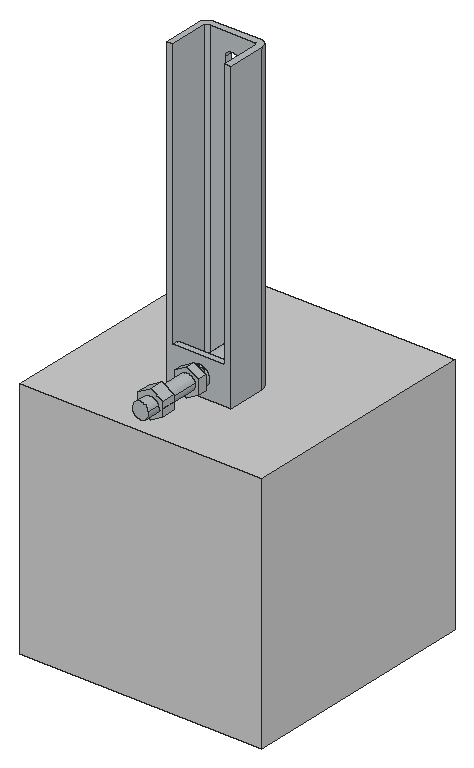
Revit family "REC-MF2", category Structural Connections, host Face, Revit 2024
Family settings
  Host = Face
  Material for Model Behavior = Steel
  Enable Cutting in Views = Yes
  Cut with Voids When Loaded = Yes
  Shared = No
Parameters (values of type "MF2")
  Visible = yes
  URL_Product_(Producto) = ""
  URL_DataSheet_(FichaTecnica) = ""
  URL_CE_Marking_(MarcadoCE) = ""
  Type IFC Predefined Type = "Brackets"
  Type Comments = ""
  URL = "https://recense.com/"
  Model = "MF2"
  Manufacturer = "RECENSE"
  Keynote_ESP = "Sistema de sustentación de paneles prefabricados de hormigón sobre forjados horizontales."
  Keynote = "System for supporting prefabricated concrete panels on horizontal slabs."
  IFCExportType = Classification.Uniclass.Pr.Description  # "Brackets"
  IFCExportAs = "IfcElementAssembly"
  Fecha de Creacion: = "01/03/2024"
  Fecha Ultima Revision: = "01/03/2024"
  Export Type to IFC As = "IfcElementAssembly"
  Description_ESP = "Ménsula de forjado mod.2."
  Description = "Slab corbel mod.2."
  Default Elevation = 0.0 mm
  Creado por: = "Deliprogal SL"
  Cost = 0
  Classification.Uniclass.Ss.Number = ""
  Classification.Uniclass.Ss.Description = ""
  Classification.Uniclass.Pr.Number = "Pr_20_85_09"
  Classification.Uniclass.Pr.Description = "Brackets"
  Classification.Uniclass.EF.Number = ""
  Classification.Uniclass.EF.Description = ""
  Classification.Space.Number = ""
  Classification.Space.Description = ""
  Classification.Facility.Number = ""
  Classification.Facility.Description = ""
  Assembly Code = ""
Reference planes
  plane 1 "Center (Front/Back)": y = 0
  plane 2: z = 0
  plane 3 "Center (Left/Right)": x = 0
Forms (mm)
  Extrusion 1, solid, material "REC_Base"
    sketch origin (0, -719.2, 0) x (1, 0, 0) y (0, 1, 0)
      loop
        line (-150, 869.2) -> (-150, 569.2) -> (150, 569.2) -> (150, 869.2) -> (-150, 869.2)
    from 0 to -300
  Extrusion 2, solid, material "REC_Acero, S 275JR (Zincado)"
    sketch origin (0, 0, 30) x (0, -1, 0) y (1, 0, 0)
      loop
        line (60, -40) -> (60, -32) -> (12, -32)
        arc (12, -32) -> (9.172, -30.828) -> (8, -28) r 4
        line (8, -28) -> (8, 28)
        arc (8, 28) -> (9.172, 30.828) -> (12, 32) r 4
        line (12, 32) -> (60, 32) -> (60, 40) -> (12, 40)
        arc (12, 40) -> (3.515, 36.485) -> (0, 28) r 12
        line (0, 28) -> (0, -28)
        arc (0, -28) -> (3.515, -36.485) -> (12, -40) r 12
        line (12, -40) -> (60, -40)
    from -30 to 350
  Extrusion 3, solid, material "REC_Acero, S 275JR (Zincado)"
    sketch origin (-122.749, 36.34, 380) x (-1, 0, 0) y (0, 0, -1)
      loop
        circle (-122.749, 357) r 10
    from 186.34 to 44.34
  Extrusion 4, solid, material "REC_Acero, S 275JR (Zincado)"
    sketch origin (-122.749, 36.34, 380) x (-1, 0, 0) y (0, 0, -1)
      loop
        circle (-122.749, 357) r 13
      loop
        circle (-122.749, 357) r 10
    from 44.34 to 99.34
  Extrusion 5, void
    sketch origin (-55.875, 10, 1494) x (1, 0, 0) y (0, 0, 1)
      loop
        circle (55.875, -1242.5) r 8.5
      loop
        line (47.875, -1142) -> (47.875, -1206)
        arc (47.875, -1206) -> (55.875, -1214) -> (63.875, -1206) r 8
        line (63.875, -1206) -> (63.875, -1142)
        arc (63.875, -1142) -> (55.875, -1134) -> (47.875, -1142) r 8
      loop
        circle (55.875, -1471) r 10
    from 10 to 18
  Extrusion 6, solid, material "REC_Acero, S 275JR (Zincado)"
    sketch origin (0, 0, 0) x (-1, 0, 0) y (0, 0, -1)
      loop
        line (-32, -46) -> (32, -46) -> (32, 0) -> (-32, 0) -> (-32, -46)
      loop
        circle (0, -23) r 13
    from 52 to 60
  Extrusion 7, solid, material "REC_Acero, S 275JR (Zincado)"
    sketch origin (-122.749, 93.34, 380) x (-1, 0, 0) y (0, 0, -1)
      loop
        line (-137.749, 365.66) -> (-137.749, 348.34) -> (-122.749, 339.679) -> (-107.749, 348.34) -> (-107.749, 365.66) -> (-122.749, 374.321) -> (-137.749, 365.66)
      loop
        circle (-122.749, 357) r 10
    from 161.34 to 171.34
  Extrusion 8, solid, material "REC_Acero, S 275JR (Zincado)"
    sketch origin (-122.749, 15.34, 380) x (-1, 0, 0) y (0, 0, -1)
      loop
        line (-137.749, 365.66) -> (-137.749, 348.34) -> (-122.749, 339.679) -> (-107.749, 348.34) -> (-107.749, 365.66) -> (-122.749, 374.321) -> (-137.749, 365.66)
      loop
        circle (-122.749, 357) r 10
    from 132.34 to 150.34
Cuts and joins
  Extrusion 5 cuts Extrusion 2
  joined: Extrusion 2, Extrusion 6
  joined: Extrusion 3, Extrusion 7
  joined: Extrusion 4, Extrusion 8
Dimensions and locks
  Extrusion 5 sketch curve to Extrusion 5 sketch curve = 16.0 mm
  locked: Extrusion 5 sketch curve to Extrusion 5 sketch curve at 16
  Extrusion 2 to Extrusion 2 = 380.0 mm
  plane 1 "Center (Front/Back)" to Extrusion 2 = 60.0 mm
  Extrusion 5 to Extrusion 3 = 150.0 mm
  cut or joined group of Extrusion 2, Extrusion 5, Extrusion 6 to cut or joined group of Extrusion 2, Extrusion 5, Extrusion 6 to cut or joined group of Extrusion 2, Extrusion 5, Extrusion 6 = 80.0 mm, 20.0 mm
  cut or joined group of Extrusion 2, Extrusion 5, Extrusion 6 to cut or joined group of Extrusion 2, Extrusion 5, Extrusion 6 to cut or joined group of Extrusion 2, Extrusion 5, Extrusion 6 = 17.0 mm, 120.0 mm
  cut or joined group of Extrusion 2, Extrusion 5, Extrusion 6 to cut or joined group of Extrusion 2, Extrusion 5, Extrusion 6 = 8.0 mm
  Extrusion 1 to Extrusion 6 = 46.0 mm
  Extrusion 1 to cut or joined group of Extrusion 2, Extrusion 5, Extrusion 6 = 380.0 mm
  cut or joined group of Extrusion 2, Extrusion 5, Extrusion 6 to cut or joined group of Extrusion 2, Extrusion 5, Extrusion 6 = 80.0 mm
  diameter of Extrusion 5 sketch curve = 17.0 mm
  aligned and locked: plane 2 to Extrusion 1
  aligned and locked: level to Extrusion 1
